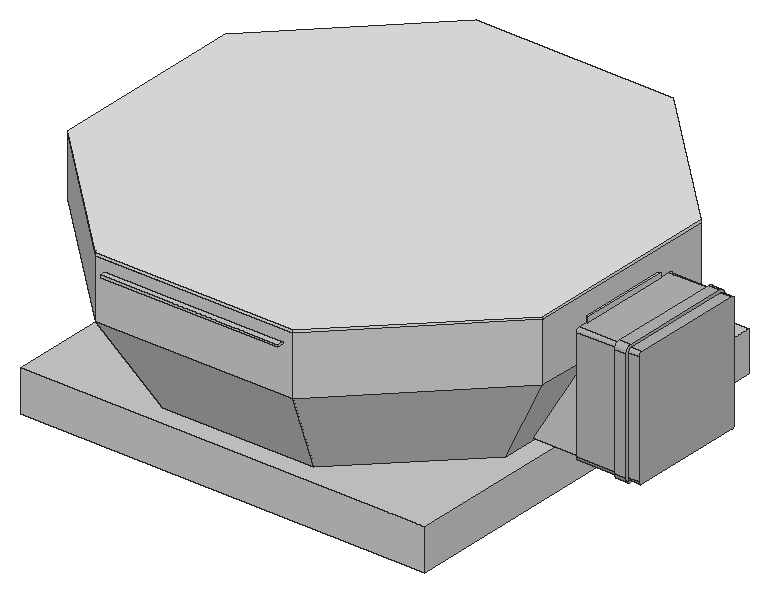
Revit family "VENTS-VKV", category Mechanical Equipment, Revit 2019
Family settings
  Round Connector Dimension = Use Diameter
  Classification = None
  Part Type = Normal
  OmniClass Number = 23.75.35.17.14
  OmniClass Title = Fans, Single Units
  Work Plane-Based = No
  Always vertical = Yes
  Cut with Voids When Loaded = No
  Shared = No
  Room Calculation Point = No
Parameters (values of type "VKV 2E 190 (50Hz)")
  gsA = A * 0.8  # 333.6 mm
  Weight = 7.00 kg
  Voltage = 230 V
  URL = "https://ventilation-system.com/product/vkv-2e-190"
  Type Comments = "Centrifugal roof fan VKV 2E 190"
  Transported Air Temperature (°C) = "-25...+50"
  Sound Pressure Level at 3 m (dBA) = 0
  Sound Pressure Level at 1 m (dBA) = 0
  RPM (min-1) = 2680
  Protection rating = "IP X4"
  Power Factor = 1
  Power [instance] = 69 W
  Number of Poles = 1
  Noise Level at 3 m (dBa) = 48
  Model = "VKV 2E 190"
  Maximum Air Flow = 610 m³/h
  Manufacturer = "Vents"
  Maintenance Zone Front Depth = 400 mm
  Maintenance Zone Material = Maintenance Zone
  Maintenance Zone Side Depth = 400 mm
  Maintenance Zone [instance] = no
  Load Classification = HVAC
  L = 480 mm
  Ht = 52 mm
  Hc = H - Ht - Hb  # 82 mm
  Hb = 36 mm
  H = 170 mm
  Grid Material = Cover Grid Cross
  Graphical Symbol [instance] = yes
  Family Version = "1.0"  # constant formula
  Duct Connection Size = 180 mm
  Description = "Centrifugal roof fan with vertical air discharge"
  DboxFixW = 80 mm  # constant formula
  DboxFixH = 112 mm
  DboxFixDepth = 2 mm  # constant formula
  DboxFixBottomH = 40 mm
  D = 213 mm
  Current = 0.3 A
  Copyright = "©Vents"
  Casing Material = Fan Zinc
  C = 245 mm
  B = 355 mm
  Apparent Power [instance] = Power / Power Factor  # 69 VA
  Air Flow [instance] = 0 m³/h
  Af = A * tan(22.50°) * 0.9  # 155.454 mm
  AswBottom = 320 mm
  A = 417 mm
Types (38, lengths in mm): name | gsA | Weight | Voltage | URL | Type Comments | Transported Air Temperature (°C) | RPM (min-1) | Power | Number of Poles | Noise Level at 3 m (dBa) | Model | Maximum Air Flow | L | Ht | Hc | Hb | H | Duct Connection Size | DboxFixH | DboxFixBottomH | D | Current | C | B | Apparent Power | Af | AswBottom | A
  VKV 2E 190 (50Hz) | 333.6 | 7.00 kg | 230 V | "https://ventilation-system.com/product/vkv-2e-190" | "Centrifugal roof fan VKV 2E 190" | "-25...+50" | 2680 | 69 W | 1 | 48 | "VKV 2E 190" | 610 m³/h | 480 | 52 | 82 | 36 | 170 | 180 | 112 | 40 | 213 | 0.3 A | 245 | 355 | 69 VA | 155.454 | 320 | 417
  VKV 2E 190 (60Hz) | 333.6 | 7.00 kg | 230 V | "https://ventilation-system.com/product/vkv-2e-190" | "Centrifugal roof fan VKV 2E 190" | "-25...+50" | 2980 | 89 W | 1 | 49 | "VKV 2E 190" | 654 m³/h | 480 | 52 | 82 | 36 | 170 | 180 | 112 | 40 | 213 | 0.4 A | 245 | 355 | 89 VA | 155.454 | 320 | 417
  VKV 2E 220 (50Hz) | 333.6 | 7.00 kg | 230 V | "https://ventilation-system.com/product/vkv-2e-220" | "Centrifugal roof fan VKV 2E 220" | "-25...+50" | 2580 | 108 W | 1 | 50 | "VKV 2E 220" | 880 m³/h | 480 | 28 | 131 | 31 | 190 | 180 | 122 | 40 | 213 | 0.49 A | 245 | 355 | 108 VA | 155.454 | 320 | 417
  VKV 2E 220 (60Hz) | 333.6 | 7.00 kg | 230 V | "https://ventilation-system.com/product/vkv-2e-220" | "Centrifugal roof fan VKV 2E 220" | "-25...+50" | 2840 | 118 W | 1 | 51 | "VKV 2E 220" | 883 m³/h | 480 | 28 | 131 | 31 | 190 | 180 | 122 | 40 | 213 | 0.54 A | 245 | 355 | 118 VA | 155.454 | 320 | 417
  VKV 2E 225 (50Hz) | 333.6 | 7.00 kg | 230 V | "https://ventilation-system.com/product/vkv-2e-225" | "Centrifugal roof fan VKV 2E 225" | "-25...+50" | 2790 | 123 W | 1 | 51 | "VKV 2E 225" | 915 m³/h | 480 | 48 | 136 | 31 | 215 | 180 | 122 | 40 | 210 | 0.54 A | 245 | 355 | 123 VA | 155.454 | 320 | 417
  VKV 2E 225 (60Hz) | 333.6 | 7.00 kg | 230 V | "https://ventilation-system.com/product/vkv-2e-225" | "Centrifugal roof fan VKV 2E 225" | "-25...+50" | 2820 | 169 W | 1 | 52 | "VKV 2E 225" | 1010 m³/h | 480 | 48 | 136 | 31 | 215 | 180 | 122 | 40 | 210 | 0.7 A | 245 | 355 | 169 VA | 155.454 | 320 | 417
  VKV 4E 225 (50Hz) | 333.6 | 7.00 kg | 230 V | "https://ventilation-system.com/product/vkv-4e-225" | "Centrifugal roof fan VKV 4E 225" | "-25...+50" | 1400 | 49 W | 1 | 45 | "VKV 4E 225" | 738 m³/h | 480 | 48 | 136 | 31 | 215 | 180 | 122 | 40 | 210 | 0.22 A | 245 | 355 | 49 VA | 155.454 | 320 | 417
  VKV 2E 250 (50Hz) | 384.8 | 9.00 kg | 230 V | "https://ventilation-system.com/product/vkv-2e-250" | "Centrifugal roof fan VKV 2E 250" | "-25...+50" | 2480 | 184 W | 1 | 54 | "VKV 2E 250" | 1450 m³/h | 540 | 51 | 158 | 31 | 240 | 250 | 151 | 36 | 285 | 0.81 A | 330 | 425 | 184 VA | 179.313 | 358 | 481
  VKV 2E 250 (60Hz) | 384.8 | 9.00 kg | 230 V | "https://ventilation-system.com/product/vkv-2e-250" | "Centrifugal roof fan VKV 2E 250" | "-25...+50" | 2320 | 232 W | 1 | 53 | "VKV 2E 250" | 1320 m³/h | 540 | 51 | 158 | 31 | 240 | 250 | 151 | 36 | 285 | 0.9 A | 330 | 425 | 232 VA | 179.313 | 358 | 481
  VKV 4E 250 (50Hz) | 384.8 | 9.00 kg | 230 V | "https://ventilation-system.com/product/vkv-4e-250" | "Centrifugal roof fan VKV 4E 250" | "-25...+50" | 1440 | 48 W | 1 | 46 | "VKV 4E 250" | 820 m³/h | 540 | 51 | 158 | 31 | 240 | 250 | 151 | 36 | 285 | 0.23 A | 330 | 425 | 48 VA | 179.313 | 358 | 481
  VKV 4E 280 (50Hz) | 437.6 | 13.00 kg | 230 V | "https://ventilation-system.com/product/vkv-4e-280" | "Centrifugal roof fan VKV 4E 280" | "-25...+50" | 1446 | 125 W | 1 | 46 | "VKV 4E 280" | 1490 m³/h | 600 | 51 | 194 | 31 | 276 | 250 | 151 | 53 | 291 | 0.61 A | 330 | 425 | 125 VA | 203.917 | 395 | 547
  VKV 4E 280 (60Hz) | 437.6 | 13.00 kg | 230 V | "https://ventilation-system.com/product/vkv-4e-280" | "Centrifugal roof fan VKV 4E 280" | "-25...+50" | 1710 | 155 W | 1 | 46 | "VKV 4E 280" | 1520 m³/h | 600 | 51 | 194 | 31 | 276 | 250 | 151 | 53 | 291 | 0.99 A | 330 | 425 | 155 VA | 203.917 | 395 | 547
  VKV 2E 310 (50Hz) | 490.4 | 13.00 kg | 230 V | "https://ventilation-system.com/product/vkv-2e-310" | "Centrifugal roof fan VKV 2E 310" | "-25...+50" | 2620 | 324 W | 1 | 58 | "VKV 2E 310" | 2150 m³/h | 670 | 51 | 218 | 31 | 300 | 250 | 151 | 75 | 285 | 1.42 A | 330 | 477 | 324 VA | 228.522 | 445 | 613
  VKV 4E 310 (50Hz) | 490.4 | 20.00 kg | 230 V | "https://ventilation-system.com/product/vkv-4e-310" | "Centrifugal roof fan VKV 4E 310" | "-25...+50" | 1420 | 141 W | 1 | 47 | "VKV 4E 310" | 2265 m³/h | 670 | 51 | 218 | 31 | 300 | 250 | 151 | 75 | 285 | 0.64 A | 330 | 477 | 141 VA | 228.522 | 445 | 613
  VKV 4E 310 (60Hz) | 490.4 | 20.00 kg | 230 V | "https://ventilation-system.com/product/vkv-4e-310" | "Centrifugal roof fan VKV 4E 310" | "-25...+50" | 1740 | 195 W | 1 | 49 | "VKV 4E 310" | 2425 m³/h | 670 | 51 | 218 | 31 | 300 | 250 | 151 | 75 | 285 | 0.87 A | 330 | 477 | 195 VA | 228.522 | 445 | 613
  VKV 4D 310 (50Hz) | 490.4 | 19.00 kg | 400 V | "https://ventilation-system.com/product/vkv-4d-310" | "Centrifugal roof fan VKV 4D 310" | "-25...+50" | 1410 | 155 W | 3 | 47 | "VKV 4D 310" | 2300 m³/h | 670 | 51 | 218 | 31 | 300 | 250 | 151 | 75 | 285 | 0.29 A | 750 | 477 | 155 VA | 228.522 | 445 | 613
  VKV 4D 310 (60Hz) | 490.4 | 19.00 kg | 400 V | "https://ventilation-system.com/product/vkv-4d-310" | "Centrifugal roof fan VKV 4D 310" | "-25...+50" | 1550 | 202 W | 3 | 48 | "VKV 4D 310" | 2442 m³/h | 670 | 51 | 218 | 31 | 300 | 250 | 151 | 75 | 285 | 0.32 A | 750 | 477 | 202 VA | 228.522 | 445 | 613
  VKV 4E 355 (50Hz) | 590.4 | 26.00 kg | 230 V | "https://ventilation-system.com/product/vkv-4e-355" | "Centrifugal roof fan VKV 4E 355" | "-30...+60" | 1420 | 219 W | 1 | 51 | "VKV 4E 355" | 2480 m³/h | 790 | 51 | 248 | 31 | 330 | 400 | 151 | 105 | 438 | 0.96 A | 450 | 598 | 219 VA | 275.121 | 546 | 738
  VKV 4E 355 (60Hz) | 590.4 | 26.00 kg | 230 V | "https://ventilation-system.com/product/vkv-4e-355" | "Centrifugal roof fan VKV 4E 355" | "-30...+60" | 1580 | 304 W | 1 | 52 | "VKV 4E 355" | 2976 m³/h | 790 | 51 | 248 | 31 | 330 | 400 | 151 | 105 | 438 | 1.33 A | 450 | 598 | 304 VA | 275.121 | 546 | 738
  VKV 4D 355 (50Hz) | 590.4 | 26.00 kg | 400 V | "https://ventilation-system.com/product/vkv-4d-355" | "Centrifugal roof fan VKV 4D 355" | "-30...+60" | 1430 | 264 W | 3 | 52 | "VKV 4D 355" | 3290 m³/h | 790 | 51 | 248 | 31 | 330 | 400 | 151 | 105 | 438 | 0.58 A | 450 | 598 | 264 VA | 275.121 | 546 | 738
  VKV 4D 355 (60Hz) | 590.4 | 26.00 kg | 400 V | "https://ventilation-system.com/product/vkv-4d-355" | "Centrifugal roof fan VKV 4D 355" | "-30...+60" | 1650 | 330 W | 3 | 53 | "VKV 4D 355" | 3540 m³/h | 790 | 51 | 248 | 31 | 330 | 400 | 151 | 105 | 438 | 0.64 A | 450 | 598 | 330 VA | 275.121 | 546 | 738
  VKV 4E 400 (50Hz) | 590.4 | 33.00 kg | 230 V | "https://ventilation-system.com/product/vkv-4e-400" | "Centrifugal roof fan VKV 4E 400" | "-30...+60" | 1440 | 457 W | 1 | 55 | "VKV 4E 400" | 3950 m³/h | 790 | 120 | 224 | 31 | 375 | 400 | 151 | 82 | 438 | 2 A | 450 | 598 | 457 VA | 275.121 | 562 | 738
  VKV 6E 400 (50Hz) | 590.4 | 31.00 kg | 230 V | "https://ventilation-system.com/product/vkv-6e-400" | "Centrifugal roof fan VKV 6E 400" | "-30...+60" | 945 | 184 W | 1 | 47 | "VKV 6E 400" | 2740 m³/h | 790 | 120 | 224 | 31 | 375 | 400 | 151 | 82 | 438 | 0.89 A | 450 | 598 | 184 VA | 275.121 | 562 | 738
  VKV 6E 400 (60Hz) | 590.4 | 31.00 kg | 230 V | "https://ventilation-system.com/product/vkv-6e-400" | "Centrifugal roof fan VKV 6E 400" | "-30...+60" | 1071 | 249 W | 1 | 49 | "VKV 6E 400" | 3289 m³/h | 790 | 120 | 224 | 31 | 375 | 400 | 151 | 82 | 438 | 1.1 A | 450 | 598 | 249 VA | 275.121 | 562 | 738
  VKV 4D 400 (50Hz) | 590.4 | 33.00 kg | 400 V | "https://ventilation-system.com/product/vkv-4d-400" | "Centrifugal roof fan VKV 4D 400" | "-30...+60" | 1440 | 420 W | 3 | 55 | "VKV 4D 400" | 3950 m³/h | 790 | 120 | 224 | 31 | 375 | 400 | 151 | 82 | 438 | 0.99 A | 450 | 598 | 420 VA | 275.121 | 562 | 738
  VKV 4E 450 (50Hz) | 590.4 | 41.00 kg | 230 V | "https://ventilation-system.com/product/vkv-4e-450" | "Centrifugal roof fan VKV 4E 450" | "-30...+60" | 1400 | 749 W | 1 | 58 | "VKV 4E 450" | 6180 m³/h | 790 | 90 | 309 | 31 | 430 | 400 | 151 | 154 | 438 | 3.35 A | 535 | 668 | 749 VA | 275.121 | 546 | 738
  VKV 6E 450 (50Hz) | 590.4 | 41.00 kg | 230 V | "https://ventilation-system.com/product/vkv-6e-450" | "Centrifugal roof fan VKV 6E 450" | "-30...+60" | 940 | 268 W | 1 | 50 | "VKV 6E 450" | 4380 m³/h | 790 | 90 | 309 | 31 | 430 | 400 | 151 | 154 | 438 | 1.25 A | 535 | 668 | 268 VA | 275.121 | 546 | 738
  VKV 4D 450 (50Hz) | 590.4 | 41.00 kg | 400 V | "https://ventilation-system.com/product/vkv-4d-450" | "Centrifugal roof fan VKV 4D 450" | "-30...+50" | 1440 | 755 W | 3 | 57 | "VKV 4D 450" | 5920 m³/h | 790 | 90 | 304 | 31 | 425 | 400 | 151 | 154 | 438 | 1.5 A | 535 | 668 | 755 VA | 275.121 | 546 | 738
  VKV 4D 500 (50Hz) | 687.2 | 52.00 kg | 400 V | "https://ventilation-system.com/product/vkv-4d-500" | "Centrifugal roof fan VKV 4D 500" | "-30...+50" | 1460 | 1527 W | 3 | 62 | "VKV 4D 500" | 8435 m³/h | 910 | 90 | 339 | 31 | 460 | 400 | 151 | 198 | 430 | 2.64 A | 535 | 668 | 1527 VA | 320.229 | 594 | 859
  VKV 6E 500 (50Hz) | 687.2 | 52.00 kg | 230 V | "https://ventilation-system.com/product/vkv-6e-500" | "Centrifugal roof fan VKV 6E 500" | "-25...+60" | 970 | 407 W | 1 | 52 | "VKV 6E 500" | 5680 m³/h | 910 | 90 | 339 | 31 | 460 | 400 | 151 | 198 | 445 | 1.81 A | 535 | 668 | 407 VA | 320.229 | 594 | 859
  VKV 6E 500 (60Hz) | 687.2 | 52.00 kg | 230 V | "https://ventilation-system.com/product/vkv-6e-500" | "Centrifugal roof fan VKV 6E 500" | "-25...+60" | 1120 | 673 W | 1 | 54 | "VKV 6E 500" | 6532 m³/h | 910 | 90 | 339 | 31 | 460 | 400 | 151 | 198 | 445 | 3.05 A | 535 | 668 | 673 VA | 320.229 | 594 | 859
  VKV 6D 500 (50Hz) | 687.2 | 52.00 kg | 400 V | "https://ventilation-system.com/product/vkv-6d-500" | "Centrifugal roof fan VKV 6D 500" | "-25...+60" | 978 | 440 W | 3 | 52 | "VKV 6D 500" | 6000 m³/h | 910 | 90 | 339 | 31 | 460 | 400 | 151 | 198 | 445 | 1.23 A | 535 | 668 | 440 VA | 320.229 | 594 | 859
  VKV 6D 500 (60Hz) | 687.2 | 52.00 kg | 400 V | "https://ventilation-system.com/product/vkv-6d-500" | "Centrifugal roof fan VKV 6D 500" | "-25...+60" | 1125 | 599 W | 3 | 54 | "VKV 6D 500" | 6122 m³/h | 910 | 90 | 339 | 31 | 460 | 400 | 151 | 198 | 445 | 1.32 A | 535 | 668 | 599 VA | 320.229 | 594 | 859
  VKV 4D 560 (50Hz) | 687.2 | 63.00 kg | 230 V | "https://ventilation-system.com/product/vkv-4d-560" | "Centrifugal roof fan VKV 4D 560" | "-25...+50" | 1400 | 1970 W | 1 | 66 | "VKV 4D 560" | 13560 m³/h | 910 | 112 | 342 | 31 | 485 | 560 | 151 | 150 | 605 | 3.36 A | 750 | 833 | 1970 VA | 320.229 | 722 | 859
  VKV 6E 560 (50Hz) | 687.2 | 63.00 kg | 230 V | "https://ventilation-system.com/product/vkv-6e-560" | "Centrifugal roof fan VKV 6E 560" | "-25...+50" | 930 | 613 W | 1 | 58 | "VKV 6E 560" | 9560 m³/h | 910 | 112 | 342 | 31 | 485 | 560 | 151 | 150 | 605 | 2.7 A | 750 | 833 | 613 VA | 320.229 | 722 | 859
  VKV 6D 560 (50Hz) | 687.2 | 63.00 kg | 400 V | "https://ventilation-system.com/product/vkv-6d-560" | "Centrifugal roof fan VKV 6D 560" | "-25...+50" | 970 | 696 W | 3 | 58 | "VKV 6D 560" | 9630 m³/h | 910 | 112 | 342 | 31 | 485 | 560 | 151 | 150 | 605 | 1.44 A | 750 | 833 | 696 VA | 320.229 | 722 | 859
  VKV 6D 630 (50Hz) | 760.8 | 81.00 kg | 400 V | "https://ventilation-system.com/product/vkv-6d-630" | "Centrifugal roof fan VKV 6D 630" | "-25...+50" | 957 | 1110 W | 3 | 64 | "VKV 6D 630" | 12640 m³/h | 1000 | 112 | 337 | 36 | 485 | 560 | 151 | 186 | 600 | 2.42 A | 750 | 939 | 1110 VA | 354.525 | 782 | 951
  VKV 6D 710 (50Hz) | 793.6 | 114.00 kg | 400 V | "https://ventilation-system.com/product/vkv-6d-710" | "Centrifugal roof fan VKV 6D 710" | "-25...+70" | 945 | 2583 W | 3 | 67 | "VKV 6D 710" | 17010 m³/h | 1040 | 136 | 313 | 36 | 485 | 630 | 151 | 186 | 674 | 4.87 A | 840 | 980 | 2583 VA | 369.81 | 820 | 992
Reference planes
  plane 1 "Center (Front/Back)": y = 0
  plane 2: z = 0
  plane 3 "Center (Left/Right)": x = 0
  plane 4: x = -177.5
  plane 5: x = 177.5
  plane 6: y = 177.5
  plane 7: y = -177.5
  plane 8 "Sw2": z = 36
  plane 9 "Sw1": z = 118
  plane 10 "Top": z = 170
  plane 11: y = 40
  plane 12: y = -40
  plane 13: x = -208.5
  plane 14: x = 208.5
  plane 15: y = 208.5
  plane 16 "Front": y = -208.5
  plane 17 "DboxHost": x = 210.5
  plane 18 "DboxBottomH": z = 40
  plane 19 "DboxTopH": z = 152
  plane 20 "DboxH": z = 96
  plane 21: x = -77.727
  plane 22: x = 77.727
  plane 23: z = 160
  plane 24: z = 158
  plane 25 "MaintananceDepthFront": y = -608.5
  plane 26 "MaintananceDepthSide": x = 610.5
  plane 27 "Sw7": z = 172
Forms (mm)
  SweptBlend 1, solid, material "Fan Zinc" <- "Casing Material", detail levels medium+fine
    path origin (0, 0, 0) x (1, 0, 0) y (0, 0, 1)
      loop
        line (0, 170) -> (0, 118)
    profile "Profile_Octagon : Top" origin (0, 0, 170) x (1, 0, 0) y (0, -1, 0)
      loop
        line (-86.364, 208.5) -> (-208.5, 86.364) -> (-208.5, -86.364) -> (-86.364, -208.5) -> (86.364, -208.5) -> (208.5, -86.364) -> (208.5, 86.364) -> (86.364, 208.5) -> (-86.364, 208.5)
    end profile "Profile_Octagon : Top" origin (0, 0, 118) x (1, 0, 0) y (0, -1, 0)
      loop
        line (-86.364, 208.5) -> (-208.5, 86.364) -> (-208.5, -86.364) -> (-86.364, -208.5) -> (86.364, -208.5) -> (208.5, -86.364) -> (208.5, 86.364) -> (86.364, 208.5) -> (-86.364, 208.5)
  SweptBlend 2, solid, material "Fan Zinc" <- "Casing Material", detail levels medium+fine
    path origin (0, 0, 0) x (1, 0, 0) y (0, 0, 1)
      loop
        line (0, 118) -> (0, 36)
    profile "Profile_Octagon : Top" origin (0, 0, 118) x (1, 0, 0) y (0, -1, 0)
      loop
        line (-86.364, 208.5) -> (-208.5, 86.364) -> (-208.5, -86.364) -> (-86.364, -208.5) -> (86.364, -208.5) -> (208.5, -86.364) -> (208.5, 86.364) -> (86.364, 208.5) -> (-86.364, 208.5)
    end profile "Profile_Octagon : Bottom" origin (0, 0, 36) x (1, 0, 0) y (0, -1, 0)
      loop
        line (-66.274, 160) -> (-160, 66.274) -> (-160, -66.274) -> (-66.274, -160) -> (66.274, -160) -> (160, -66.274) -> (160, 66.274) -> (66.274, 160) -> (-66.274, 160)
  Extrusion 3, solid, material "Fan Zinc" <- "Casing Material", detail levels medium+fine
    sketch origin (0, 0, 0) x (1, 0, 0) y (0, 1, 0)
      loop
        line (-177.5, 177.5) -> (-177.5, -177.5) -> (177.5, -177.5) -> (177.5, 177.5) -> (-177.5, 177.5)
    from 0 to 36
  Extrusion 4, solid, material "Fan Zinc" <- "Casing Material", detail levels medium+fine
    sketch origin (0, 0, 0) x (1, 0, 0) y (0, 1, 0)
      loop
        line (0, 40) -> (0, -40) -> (210.5, -40) -> (210.5, 40) -> (0, 40)
    from 40 to 152
  Extrusion 5, solid, material "Fan Zinc" <- "Casing Material", detail levels medium+fine
    sketch origin (0, -208.5, 0) x (-1, 0, 0) y (0, 0, 1)
      loop
        line (77.727, 160) -> (-77.727, 160) -> (-77.727, 158) -> (77.727, 158) -> (77.727, 160)
    from 0 to -5
  Extrusion 6, solid, material "Maintenance Zone" <- "Maintenance Zone Material", visible <- "Maintenance Zone", detail levels medium+fine
    sketch origin (0, 0, 0) x (1, 0, 0) y (0, 1, 0)
      loop
        line (-208.5, -208.5) -> (-208.5, -608.5) -> (208.5, -608.5) -> (208.5, -208.5) -> (-208.5, -208.5)
    from 0 to 170
  Extrusion 7, solid, material "Maintenance Zone" <- "Maintenance Zone Material", visible <- "Maintenance Zone", detail levels medium+fine
    sketch origin (0, 0, 0) x (1, 0, 0) y (0, 1, 0)
      loop
        line (208.5, 208.5) -> (208.5, -208.5) -> (610.5, -208.5) -> (610.5, 208.5) -> (208.5, 208.5)
    from 0 to 170
  Sweep 8, solid, material "Cover Grid Cross" <- "Grid Material", detail levels medium+fine
    path origin (0, 0, 0) x (1, 0, 0) y (0, 0, 1)
      loop
        line (0, 172) -> (0, 170)
    profile "Profile_Octagon : Top" origin (0, 0, 171) x (1, 0, 0) y (0, -1, 0)
      loop
        line (-86.364, 208.5) -> (-208.5, 86.364) -> (-208.5, -86.364) -> (-86.364, -208.5) -> (86.364, -208.5) -> (208.5, -86.364) -> (208.5, 86.364) -> (86.364, 208.5) -> (-86.364, 208.5)
Cuts and joins
  joined: SweptBlend 1, SweptBlend 2, Extrusion 4, Extrusion 5
Lines and regions (mm)
  symbolic lines, style "MechanicalEquipment", detail levels coarse
    curve 1: line (-208.5, 208.5, 0) -> (208.5, 208.5, 0)
    curve 2: line (-208.5, -208.5, 0) -> (-208.5, 208.5, 0)
    curve 3: line (208.5, -208.5, 0) -> (-208.5, -208.5, 0)
    curve 4: line (208.5, 208.5, 0) -> (208.5, -208.5, 0)
  symbolic lines, style "Maintenance Zone", visible <- "Maintenance Zone", detail levels medium+fine
    curve 5: line (-208.5, -208.5, 0) -> (208.5, -208.5, 0)
    curve 6: line (-208.5, -608.5, 0) -> (-208.5, -208.5, 0)
    curve 7: line (208.5, -608.5, 0) -> (-208.5, -608.5, 0)
    curve 8: line (208.5, -208.5, 0) -> (208.5, -608.5, 0)
    curve 9: line (208.5, 208.5, 0) -> (610.5, 208.5, 0)
    curve 10: line (208.5, -208.5, 0) -> (208.5, 208.5, 0)
    curve 11: line (610.5, -208.5, 0) -> (208.5, -208.5, 0)
    curve 12: line (610.5, 208.5, 0) -> (610.5, -208.5, 0)
Dimensions and locks
  equal spacing: plane 4, plane 3 "Center (Left/Right)", plane 5
  "B": plane 4 to plane 5
  equal spacing: plane 6, plane 1 "Center (Front/Back)", plane 7
  "B": plane 6 to plane 7
  "Hb": plane 8 "Sw2" to level
  "Hc": plane 9 "Sw1" to plane 8 "Sw2"
  "Ht": plane 10 "Top" to plane 9 "Sw1"
  equal spacing: plane 11, plane 1 "Center (Front/Back)", plane 12
  "DboxFixW": plane 11 to plane 12
  equal spacing: plane 15, plane 1 "Center (Front/Back)", plane 16 "Front"
  "A": plane 15 to plane 16 "Front"
  equal spacing: plane 13, plane 3 "Center (Left/Right)", plane 14
  "A": plane 13 to plane 14
  "DboxFixDepth": plane 14 to plane 17 "DboxHost"
  "DboxFixBottomH": plane 18 "DboxBottomH" to level
  "DboxFixH": plane 19 "DboxTopH" to plane 18 "DboxBottomH"
  equal spacing: plane 19 "DboxTopH", plane 20 "DboxH", plane 18 "DboxBottomH"
  equal spacing: plane 22, plane 3 "Center (Left/Right)", plane 21
  "Af": plane 22 to plane 21
  locked: plane 10 "Top" to plane 23 at 10
  locked: plane 23 to plane 24 at 2
  "Maintenance Zone Front Depth": plane 16 "Front" to plane 25 "MaintananceDepthFront"
  "Maintenance Zone Side Depth": plane 17 "DboxHost" to plane 26 "MaintananceDepthSide"
  locked: plane 27 "Sw7" to plane 10 "Top" at 2
  aligned and locked: level to plane 2
  aligned and locked: plane 10 "Top" to SweptBlend 1 sketch curve
  aligned and locked: plane 9 "Sw1" to SweptBlend 1 sketch curve
  aligned and locked: SweptBlend 1 sketch curve to plane 3 "Center (Left/Right)"
  aligned and locked: SweptBlend 1 to SweptBlend 2 sketch curve
  aligned and locked: SweptBlend 2 sketch curve to plane 3 "Center (Left/Right)"
  aligned and locked: Extrusion 3 sketch curve to plane 6
  aligned and locked: plane 4 to Extrusion 3 sketch curve
  aligned and locked: plane 7 to Extrusion 3 sketch curve
  aligned and locked: Extrusion 3 sketch curve to plane 5
  aligned and locked: plane 8 "Sw2" to Extrusion 3
  aligned and locked: Extrusion 3 to level
  aligned and locked: Extrusion 4 sketch curve to plane 11
  aligned and locked: plane 3 "Center (Left/Right)" to Extrusion 4 sketch curve
  aligned and locked: plane 12 to Extrusion 4 sketch curve
  aligned and locked: Extrusion 4 sketch curve to plane 17 "DboxHost"
  aligned and locked: plane 19 "DboxTopH" to Extrusion 4
  aligned and locked: Extrusion 4 to plane 18 "DboxBottomH"
  aligned and locked: nested 1 to plane 1 "Center (Front/Back)"
  aligned and locked: nested 1 to plane 20 "DboxH"
  aligned and locked: plane 23 to Extrusion 5 sketch curve
  aligned and locked: Extrusion 5 sketch curve to plane 21
  aligned and locked: Extrusion 5 sketch curve to plane 24
  aligned and locked: plane 22 to Extrusion 5 sketch curve
  aligned and locked: Extrusion 6 sketch curve to plane 16 "Front"
  aligned and locked: plane 13 to Extrusion 6 sketch curve
  aligned and locked: plane 25 "MaintananceDepthFront" to Extrusion 6 sketch curve
  aligned and locked: Extrusion 6 sketch curve to plane 14
  aligned and locked: Extrusion 7 sketch curve to plane 15
  aligned and locked: plane 14 to Extrusion 7 sketch curve
  aligned and locked: plane 16 "Front" to Extrusion 7 sketch curve
  aligned and locked: Extrusion 7 sketch curve to plane 26 "MaintananceDepthSide"
  aligned and locked: plane 10 "Top" to Extrusion 7
  aligned and locked: plane 10 "Top" to Extrusion 6
  aligned and locked: nested 2 to plane 3 "Center (Left/Right)"
  aligned and locked: nested 2 to level
  aligned and locked: nested 2 to Sweep 8 sketch curve
  aligned and locked: plane 27 "Sw7" to Sweep 8 sketch curve
  aligned and locked: plane 10 "Top" to Sweep 8 sketch curve
  aligned and locked: plane 3 "Center (Left/Right)" to nested 3
  aligned and locked: plane 1 "Center (Front/Back)" to nested 3
Automatic sketch dimensions
  SweptBlend 2 sketch curve to plane 8 "Sw2" = 0 mm
  curve 1 to plane 13 = 0 mm
  curve 4 to plane 15 = 0 mm
  curve 5 to plane 14 = 0 mm
  curve 9 to plane 26 "MaintananceDepthSide" = 0 mm
  curve 7 to plane 25 "MaintananceDepthFront" = 0 mm
  curve 3 to plane 16 "Front" = 0 mm
Nested families
  nested 1: "DistributionBox_Outside" at (210.5, 0, 96) x (0, 1, 0) z (1, 0, 0), type "DistributionBox_Outside", detail levels medium+fine
  nested 2: "GraphicalSymbol_Fan_3" at (0, 0, 104.25) x (-1, 0, 0) z (0, 1, 0), type "GraphicalSymbol_Fan_3", detail levels coarse
  nested 3: "GraphicalSymbol_Fun_3_Anno" at (0, 0, 0), visible <- "Graphical Symbol", type "GraphicalSymbol_Fun_3_Anno", detail levels coarse
Connectors
  hvac at (0, 0, 0), driven by "Duct Connection Size", driven by "Air Flow"
    settings: on Extrusion 3, index 1, duct flow 0 m³/h, flow factor 1, pres drop 0.0 Pa, loss coef 0, conn angle 0.00°, conn width 304.8 mm, conn height 304.8 mm, conn diameter 180 mm, duct sys type 3, conn prof type 0, flow config 2, flow direction 1, loss method 0, conn ref index -1, conn util no, is conn primary yes, conn desc ""
  electrical at (228, -26, 46.025), driven by "Number of Poles", driven by "Load Classification", driven by "Voltage", driven by "Apparent Power", driven by "Power Factor"
    settings: on nested 1, index 2, voltage 230 V, apparent load 69 VA, apparent load phase1 0 VA, apparent load phase2 0 VA, apparent load phase3 0 VA, power factor 1, load classification "HVAC", number of poles 1, system type 30, power factor state 1, is connector primary yes, connector utility no, sub classification motor no, connector description ""
Definition of nested family "DistributionBox_Outside"
  Parameters (values of type "DistributionBox_Outside")
    Hcover2 = 10 mm
    Hcover1 = 10 mm
    Hcon = H1 / 2  # 17.5 mm
    H1 = 35 mm
    Distribution Box Material = none
    Default Elevation = 1219.2 mm
    ConD = 20 mm
    ConB = B / 4  # 26 mm
    ConA = A / 4  # 26 mm
    B = A  # 104 mm
    B1 = A1  # 108 mm
    A1 = 108 mm
    A = 104 mm
  Reference planes
    plane 1 "Center (Front/Back)": y = 0
    plane 2: z = 0
    plane 3 "Center (Left/Right)": x = 0
    plane 4: x = -52
    plane 5: x = 52
    plane 6: y = 52
    plane 7 "bottom": y = -52
    plane 8: z = 35
    plane 9: z = 55
    plane 10: x = -26
    plane 11: x = 26
    plane 12: y = 26
    plane 13: y = -26
    plane 14: z = 17.5
    plane 15: z = 45
    plane 16: x = -54
    plane 17: x = 54
    plane 18: y = 54
    plane 19 "Center L/S": y = -54
  Forms (mm)
    Extrusion 1, solid, material <- "Distribution Box Material"
      sketch origin (0, 0, 0) x (1, 0, 0) y (0, 1, 0)
        loop
          arc (-49, 52) -> (-51.121, 51.121) -> (-52, 49) r 3
          line (-52, 49) -> (-52, -49)
          arc (-52, -49) -> (-51.121, -51.121) -> (-49, -52) r 3
          line (-49, -52) -> (49, -52)
          arc (49, -52) -> (51.121, -51.121) -> (52, -49) r 3
          line (52, -49) -> (52, 49)
          arc (52, 49) -> (51.121, 51.121) -> (49, 52) r 3
          line (49, 52) -> (-49, 52)
      from 0 to 35
    Extrusion 2, void
      sketch origin (-568.953, -52, 1200) x (1, 0, 0) y (0, 0, 1)
        loop
          circle (542.953, -1182.5) r 10
        loop
          circle (594.953, -1182.5) r 10
      from -2.025 to 0
    Extrusion 3, solid, material <- "Distribution Box Material"
      sketch origin (0, 0, 0) x (1, 0, 0) y (0, 1, 0)
        loop
          arc (-49, 54) -> (-52.536, 52.536) -> (-54, 49) r 5
          line (-54, 49) -> (-54, -49)
          arc (-54, -49) -> (-52.536, -52.536) -> (-49, -54) r 5
          line (-49, -54) -> (49, -54)
          arc (49, -54) -> (52.536, -52.536) -> (54, -49) r 5
          line (54, -49) -> (54, 49)
          arc (54, 49) -> (52.536, 52.536) -> (49, 54) r 5
          line (49, 54) -> (-49, 54)
      from 35 to 45
    Extrusion 4, solid, material <- "Distribution Box Material"
      sketch origin (0, 0, 0) x (1, 0, 0) y (0, 1, 0)
        loop
          arc (-49, 52) -> (-51.121, 51.121) -> (-52, 49) r 3
          line (-52, 49) -> (-52, -49)
          arc (-52, -49) -> (-51.121, -51.121) -> (-49, -52) r 3
          line (-49, -52) -> (49, -52)
          arc (49, -52) -> (51.121, -51.121) -> (52, -49) r 3
          line (52, -49) -> (52, 49)
          arc (52, 49) -> (51.121, 51.121) -> (49, 52) r 3
          line (49, 52) -> (-49, 52)
      from 45 to 55
  Cuts and joins
    Extrusion 2 cuts Extrusion 1
    joined: Extrusion 3, Extrusion 4
  Dimensions and locks
    equal spacing: plane 6, plane 1 "Center (Front/Back)", plane 7 "bottom"
    equal spacing: plane 4, plane 3 "Center (Left/Right)", plane 5
    "A": plane 6 to plane 7 "bottom"
    "B": plane 4 to plane 5
    "H1": level to plane 8
    plane 15 to plane 9 = 10 mm
    "ConA": plane 1 "Center (Front/Back)" to plane 12
    "ConA": plane 13 to plane 1 "Center (Front/Back)"
    "ConB": plane 10 to plane 3 "Center (Left/Right)"
    "ConB": plane 3 "Center (Left/Right)" to plane 11
    "Hcon": plane 14 to level
    equal spacing: plane 18, plane 1 "Center (Front/Back)", plane 19 "Center L/S"
    "A1": plane 18 to plane 19 "Center L/S"
    equal spacing: plane 16, plane 3 "Center (Left/Right)", plane 17
    "B1": plane 16 to plane 17
    "Hcover2": plane 15 to plane 8
    "Hcover1": plane 9 to plane 15
    "ConD": diameter of Extrusion 2 sketch curve  (x2)
    aligned and locked: level to plane 2
    aligned and locked: Extrusion 1 sketch curve to plane 6
    aligned and locked: plane 4 to Extrusion 1 sketch curve
    aligned and locked: plane 7 "bottom" to Extrusion 1 sketch curve
    aligned and locked: Extrusion 1 sketch curve to plane 5
    aligned and locked: plane 8 to Extrusion 1
    aligned and locked: Extrusion 3 sketch curve to plane 18
    aligned and locked: plane 16 to Extrusion 3 sketch curve
    aligned and locked: plane 19 "Center L/S" to Extrusion 3 sketch curve
    aligned and locked: Extrusion 3 sketch curve to plane 17
    aligned and locked: Extrusion 3 to plane 8
    aligned and locked: plane 15 to Extrusion 3
    aligned and locked: Extrusion 4 sketch curve to plane 6
    aligned and locked: plane 4 to Extrusion 4 sketch curve
    aligned and locked: plane 7 "bottom" to Extrusion 4 sketch curve
    aligned and locked: Extrusion 4 sketch curve to plane 5
    aligned and locked: Extrusion 4 to plane 15
    aligned and locked: plane 9 to Extrusion 4
  Automatic sketch dimensions
    Extrusion 1 sketch curve to Extrusion 1 sketch curve = 3 mm  (x2)
    Extrusion 1 sketch curve to plane 5 = 3 mm  (x2)
    plane 4 to Extrusion 3 sketch curve = 3 mm  (x2)
    Extrusion 3 sketch curve to plane 5 = 3 mm  (x2)
    Extrusion 4 sketch curve to Extrusion 4 sketch curve = 3 mm  (x2)
    Extrusion 4 sketch curve to plane 5 = 3 mm  (x2)
    Extrusion 2 sketch curve to plane 10 = 0 mm
    Extrusion 2 sketch curve to plane 11 = 0 mm
    Extrusion 2 sketch curve to plane 14 = 0 mm  (x2)
Definition of nested family "GraphicalSymbol_Fan_3"
  Parameters (values of type "GraphicalSymbol_Fan_3")
    Hs = H * 0.8  # 40 mm
    Default Elevation = 1219.2 mm
    H = A * 0.5  # 50 mm
    As = A * 0.7  # 70 mm
    ArrowW = H * 0.6  # 30 mm
    ArrowL = ArrowW  # 30 mm
    ArrowGap = ArrowW * 0.3  # 9 mm
    Arrow3 = yes
    Arrow2 = yes
    Arrow1 = yes
    A = 100 mm
  Reference planes
    plane 1 "Center (Front/Back)": y = 0
    plane 2: z = 0
    plane 3 "Center (Left/Right)": x = 0
    plane 4: y = 25
    plane 5: y = -25
    plane 6: x = -50
    plane 7: x = 50
    plane 8: y = 20
    plane 9: y = -20
    plane 10: x = -35
    plane 11: x = 35
    plane 12: x = 15
    plane 13: x = -15
    plane 14: y = 15
    plane 15: y = -15
    plane 16: y = 34
    plane 17: x = -59
    plane 18: x = 59
    plane 19: x = -89
    plane 20: x = 89
    plane 21: y = 64
  Lines and regions (mm)
    model lines
      curve 1: line (-50, 25, 0) -> (50, 25, 0)
      curve 2: line (-50, -25, 0) -> (-50, 25, 0)
      curve 3: line (50, -25, 0) -> (-50, -25, 0)
      curve 4: line (50, 25, 0) -> (50, -25, 0)
      curve 5: line (-35, 20, 0) -> (-35, -20, 0)
      curve 6: line (-35, -20, 0) -> (35, 20, 0)
      curve 7: line (35, 20, 0) -> (35, -20, 0)
      curve 8: line (35, -20, 0) -> (-35, 20, 0)
    model lines, visible <- "Arrow1"
      curve 9: line (-15, 34, 0) -> (15, 34, 0)
      curve 10: line (15, 34, 0) -> (0, 64, 0)
      curve 11: line (0, 64, 0) -> (-15, 34, 0)
    model lines, visible <- "Arrow2"
      curve 12: line (-59, 15, 0) -> (-59, -15, 0)
      curve 13: line (-59, -15, 0) -> (-89, 0, 0)
      curve 14: line (-89, 0, 0) -> (-59, 15, 0)
    model lines, visible <- "Arrow3"
      curve 15: line (59, 15, 0) -> (59, -15, 0)
      curve 16: line (59, -15, 0) -> (89, 0, 0)
      curve 17: line (89, 0, 0) -> (59, 15, 0)
  Dimensions and locks
    equal spacing: plane 10, plane 3 "Center (Left/Right)", plane 11
    equal spacing: plane 6, plane 3 "Center (Left/Right)", plane 7
    equal spacing: plane 4, plane 1 "Center (Front/Back)", plane 5
    equal spacing: plane 8, plane 1 "Center (Front/Back)", plane 9
    "As": plane 10 to plane 11
    "Hs": plane 8 to plane 9
    "A": plane 6 to plane 7
    "H": plane 4 to plane 5
    equal spacing: plane 13, plane 3 "Center (Left/Right)", plane 12
    "ArrowW": plane 13 to plane 12
    "ArrowGap": plane 16 to plane 4
    "ArrowL": plane 21 to plane 16
    equal spacing: plane 14, plane 1 "Center (Front/Back)", plane 15
    "ArrowW": plane 14 to plane 15
    "ArrowGap": plane 7 to plane 18
    "ArrowL": plane 18 to plane 20
    "ArrowGap": plane 17 to plane 6
    "ArrowL": plane 19 to plane 17
    aligned and locked: level to plane 2
    aligned and locked: curve 1 to plane 4
    aligned and locked: plane 6 to curve 2
    aligned and locked: plane 5 to curve 3
    aligned and locked: curve 4 to plane 7
  Automatic sketch dimensions
    plane 1 "Center (Front/Back)" to curve 14 = 0 mm
    curve 14 to plane 19 = 0 mm
    curve 13 to plane 15 = 0 mm
    curve 13 to plane 17 = 0 mm
    curve 6 to plane 9 = 0 mm
    curve 6 to plane 10 = 0 mm
    curve 11 to plane 13 = 0 mm
    curve 10 to plane 3 "Center (Left/Right)" = 0 mm
    curve 10 to plane 12 = 0 mm
    curve 7 to plane 9 = 0 mm
    curve 7 to plane 11 = 0 mm
    curve 15 to plane 15 = 0 mm
    curve 15 to plane 18 = 0 mm
    plane 1 "Center (Front/Back)" to curve 17 = 0 mm
    curve 16 to plane 20 = 0 mm
    curve 12 to plane 14 = 0 mm
    curve 15 to plane 14 = 0 mm
    curve 8 to plane 8 = 0 mm
    curve 7 to plane 8 = 0 mm
    curve 9 to plane 16 = 0 mm
    curve 10 to plane 21 = 0 mm
Definition of nested family "GraphicalSymbol_Fun_3_Anno"
  Parameters (values of type "GraphicalSymbol_Fun_3_Anno")
    Hs = 0.8 * H  # 40 mm
    H = 0.5 * A  # 50 mm
    As = 0.7 * A  # 70 mm
    A = 100 mm
  Reference planes
    plane 1 "Center (Front/Back)": y = 0
    plane 2: z = 0
    plane 3 "Center (Left/Right)": x = 0
    plane 4: x = -50
    plane 5: x = 50
    plane 6: y = 25
    plane 7: y = -25
    plane 8: x = 35
    plane 9: x = -35
    plane 10: y = 20
    plane 11: y = -20
  Lines and regions (mm)
    detail lines, in view "Ref. Level"
      curve 1: line (-50, 25, 0) -> (50, 25, 0)
      curve 2: line (-50, -25, 0) -> (-50, 25, 0)
      curve 3: line (50, -25, 0) -> (-50, -25, 0)
      curve 4: line (50, 25, 0) -> (50, -25, 0)
      curve 5: line (-35, 20, 0) -> (-35, -20, 0)
      curve 6: line (-35, -20, 0) -> (35, 20, 0)
      curve 7: line (35, 20, 0) -> (35, -20, 0)
      curve 8: line (35, -20, 0) -> (-35, 20, 0)
  Dimensions and locks
    equal spacing: plane 4, plane 3 "Center (Left/Right)", plane 5
    equal spacing: plane 9, plane 3 "Center (Left/Right)", plane 8
    "A": plane 4 to plane 5
    "As": plane 9 to plane 8
    equal spacing: plane 11, plane 1 "Center (Front/Back)", plane 10
    "Hs": plane 10 to plane 11
    equal spacing: plane 6, plane 1 "Center (Front/Back)", plane 7
    "H": plane 6 to plane 7
    aligned and locked: curve 1 to plane 6
    aligned and locked: plane 4 to curve 2
    aligned and locked: plane 7 to curve 3
    aligned and locked: curve 4 to plane 5
  Automatic sketch dimensions
    curve 8 to plane 9 = 0 mm
    curve 8 to plane 8 = 0 mm
    curve 6 to plane 11 = 0 mm
    curve 7 to plane 11 = 0 mm
    curve 7 to plane 10 = 0 mm
    curve 5 to plane 10 = 0 mm
